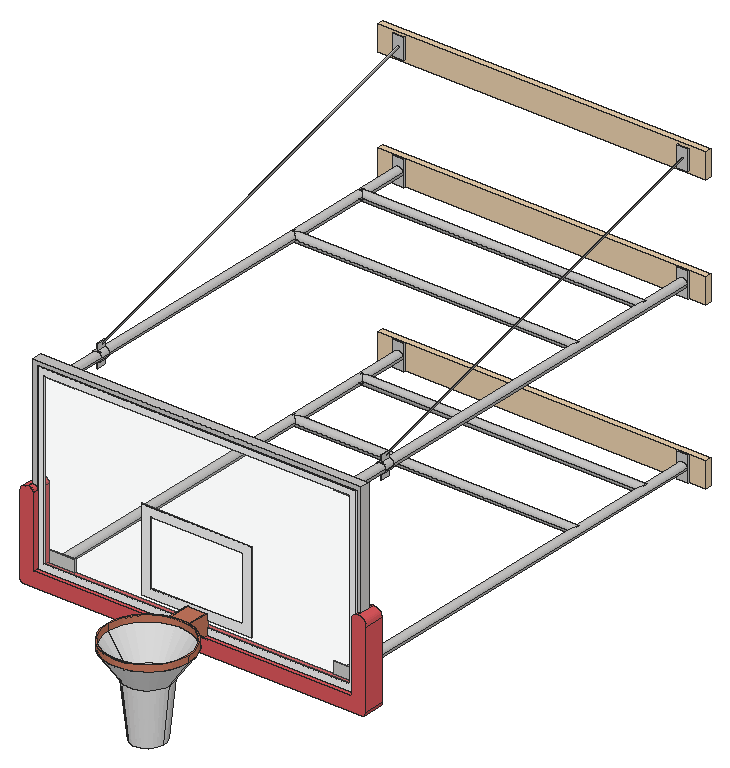
Revit family "Basketball_Backstop-Wall_Mount-Stationary-IPIbyBison-PKGxxSTRG", category Specialty Equipment, Revit 2024
Family settings
  Round Connector Dimension = Use Diameter
  Part Type = Normal
  OmniClass Number = 23.40.50.34.14
  OmniClass Title = Gymnasium Equipment
  Work Plane-Based = No
  Enable Cutting in Views = No
  Always vertical = Yes
  Cut with Voids When Loaded = No
  Maintain Annotation Orientation = No
  Shared = No
  Room Calculation Point = No
Parameters (values of type "PKG82STRG")
  padding color [instance] = Plastic - IPI by Bison - Scarlet SC
  Width = 6' - 0"
  Wall Plate Material = Wood - IPI by Bison
  URL = "https://ipibybison.com/"
  Suspension Type = "Telescoping"
  Support Tubing Material = Steel - IPI by Bison - Tubular Support
  Support Tubing Diameter = 0' - 1.9"
  Specification = "https://www.arcat.com/company/ipi-by-bison-38554/spec"
  Product Page URL = "https://www.arcat.com/arcatcos/cos38/arc38554.html"
  Padding Color [instance] = Plastic - IPI by Bison - Scarlet SC
  PKG82STRG Extension Range = "96\" to 144\""
  PKG68STRG Extension Range = "72\" to 96\""
  PKG46STRG Extension Range = "48\" to 72\""
  Netting = Finish - IPI by Bison - White Netting
  Mounting Height [instance] = 8' - 0"
  Model = "PKG82STRG"
  Manufacturer = "IPI by Bison"
  Keynote = "11 66 00"
  Hoop Finish = Powder Coat - IPI by Bison - Outdoor Orange
  Extension Depth = 8' - 0"
  Description = "Basketball Frame and Backboard, Wall Mount"
  Default Elevation = 0' - 0"
  Copyright = "© 2023 ARCAT"  # constant formula
  Category = ""
  CAD Details = "https://www.arcat.com/company/ipi-by-bison-38554/cad"
  Backboard Material = Fiberglass - IPI by Bison - Backboard
  Backboard Height = 3' - 6"
  Backboard Frame Material = Steel - IPI by Bison - Tubular Support
Types (3): name | Model | Extension Depth
  PKG68STRG | "PKG68STRG" | 6' - 0"
  PKG82STRG | "PKG82STRG" | 8' - 0"
  PKG46STRG | "PKG46STRG" | 4' - 0"
Reference planes (in)
  plane 1 "Back": y = 0
  plane 2 "Floor": z = 0
  plane 3 "Center (Left/Right)": x = 0
  plane 4 "Front": y = -96
  plane 5: y = -94
  plane 6 "Left": x = -36
  plane 7 "Right": x = 36
  plane 8 "Chain Alignment": x = -31.188
  plane 9 "Backboard Bottom": z = 96
  plane 10 "Chain Alignment 2": x = 31.188
  plane 11 "Top": z = 138
  plane 12: z = 135.091
  plane 13: z = 98.909
  plane 14: y = -1.5
  plane 15: y = -1.75
  plane 16: y = -93.75
  plane 17: z = 137.841
  plane 18: z = 132.341
  plane 19: z = 96.159
  plane 20: z = 101.659
  plane 21: x = -32.438
  plane 22: x = -29.938
  plane 23: x = 32.438
  plane 24: x = 29.938
  plane 25: z = 101.25
  plane 26: y = -96.0625
  plane 27: y = -12
  plane 28: z = 156.841
  plane 29 "Top Plate": z = 162.341
  plane 30: y = -82.5
  plane 31: y = -84.5
  plane 32: y = -83.5
  plane 33: z = 159.591
  plane 34: z = 136.841
  plane 35 "Board Center": y = -95
  plane 36: y = -30.5
Forms (in)
  Extrusion 1, solid, material "Steel - IPI by Bison - Tubular Support" <- "Support Tubing Material"
    sketch origin (0, 0, 0) x (1, 0, 0) y (0, 0, 1)
      loop
        circle (-31.188, 98.909) r 0.95
      loop
        circle (-31.188, 135.091) r 0.95
      loop
        circle (31.188, 98.909) r 0.95
      loop
        circle (31.188, 135.091) r 0.95
    from 1.75 to 93.75
  Extrusion 2, solid, material "Wood - IPI by Bison" <- "Wall Plate Material"
    sketch origin (0, 0, 0) x (0, 1, 0) y (0, 0, 1)
      loop
        line (0, 137.841) -> (-1.5, 137.841) -> (-1.5, 132.341) -> (0, 132.341) -> (0, 137.841)
      loop
        line (0, 101.659) -> (-1.5, 101.659) -> (-1.5, 96.159) -> (0, 96.159) -> (0, 101.659)
      loop
        line (0, 162.341) -> (-1.5, 162.341) -> (-1.5, 156.841) -> (0, 156.841) -> (0, 162.341)
    from -36 to 36
  Extrusion 3, solid, material "Steel - IPI by Bison - Tubular Support" <- "Support Tubing Material"
    sketch origin (0, 0, 0) x (1, 0, 0) y (0, 0, 1)
      loop
        line (-32.438, 137.841) -> (-32.438, 132.341) -> (-29.938, 132.341) -> (-29.938, 137.841) -> (-32.438, 137.841)
      loop
        line (29.938, 137.841) -> (29.938, 132.341) -> (32.438, 132.341) -> (32.438, 137.841) -> (29.938, 137.841)
      loop
        line (-32.438, 101.659) -> (-32.438, 96.159) -> (-29.938, 96.159) -> (-29.938, 101.659) -> (-32.438, 101.659)
      loop
        line (29.938, 101.659) -> (29.938, 96.159) -> (32.438, 96.159) -> (32.438, 101.659) -> (29.938, 101.659)
      loop
        line (-32.438, 161.841) -> (-32.438, 157.341) -> (-29.938, 157.341) -> (-29.938, 161.841) -> (-32.438, 161.841)
      loop
        line (32.438, 161.841) -> (29.938, 161.841) -> (29.938, 157.341) -> (32.438, 157.341) -> (32.438, 161.841)
    from 1.5 to 1.75
  Extrusion 4, solid, material "Steel - IPI by Bison - Tubular Support" <- "Support Tubing Material"
    sketch origin (0, 0, 0) x (1, 0, 0) y (0, 0, 1)
      loop
        line (-33.938, 133.841) -> (-28.438, 133.841) -> (-28.438, 136.341) -> (-33.938, 136.341) -> (-33.938, 133.841)
      loop
        line (33.938, 133.841) -> (33.938, 136.341) -> (28.438, 136.341) -> (28.438, 133.841) -> (33.938, 133.841)
      loop
        line (-33.938, 97.659) -> (-28.438, 97.659) -> (-28.438, 100.159) -> (-33.938, 100.159) -> (-33.938, 97.659)
      loop
        line (33.938, 97.659) -> (33.938, 100.159) -> (28.438, 100.159) -> (28.438, 97.659) -> (33.938, 97.659)
    from 93.75 to 94
  Extrusion 5, solid, material "Steel - IPI by Bison - Tubular Support" <- "Backboard Frame Material"
    sketch origin (0, 0, 0) x (1, 0, 0) y (0, 0, 1)
      loop
        line (-36, 138) -> (-36, 96) -> (36, 96) -> (36, 138) -> (-36, 138)
      loop
        line (-35, 137) -> (-35, 97) -> (35, 97) -> (35, 137) -> (-35, 137)
    from 94 to 96
  Extrusion 6, solid, material "Powder Coat - IPI by Bison - White"
    sketch origin (0, 0, 0) x (1, 0, 0) y (0, 0, 1)
      loop
        line (-35, 137) -> (-35, 97) -> (35, 97) -> (35, 137) -> (-35, 137)
      loop
        line (-33.5, 98.5) -> (33.5, 98.5) -> (33.5, 135.5) -> (-33.5, 135.5) -> (-33.5, 98.5)
      loop
        line (-12.061, 99.898) -> (12.061, 99.898) -> (12.061, 117.898) -> (-12.061, 117.898) -> (-12.061, 99.898)
      loop
        line (-10.061, 115.898) -> (-10.061, 101.898) -> (10.061, 101.898) -> (10.061, 115.898) -> (-10.061, 115.898)
    from 96 to 96.0625
  Extrusion 7, solid, material "Fiberglass - IPI by Bison - Backboard" <- "Backboard Material"
    sketch origin (0, 0, 0) x (1, 0, 0) y (0, 0, 1)
      loop
        line (-35, 137) -> (-35, 97) -> (35, 97) -> (35, 137) -> (-35, 137)
    from 94 to 96
  Extrusion 8, solid, material "Steel - IPI by Bison - Tubular Support" <- "Support Tubing Material"
    sketch origin (0, 0, 0) x (0, 1, 0) y (0, 0, 1)
      loop
        circle (-12, 135.091) r 0.95
      loop
        circle (-12, 98.909) r 0.95
    from -31.188 to 31.188
  Extrusion 9, solid, material "Steel - IPI by Bison - Tubular Support" <- "Support Tubing Material"
    sketch origin (0, 0, 0) x (1, 0, 0) y (0, 0, 1)
      loop
        circle (-31.188, 135.091) r 0.95
      loop
        arc (-31.313, 136.18535) -> (-32.28946, 135.091) -> (-31.313, 133.99665) r 1.10146
        line (-31.313, 133.99665) -> (-31.313, 132.657) -> (-31.063, 132.657) -> (-31.063, 133.99665)
        arc (-31.063, 133.99665) -> (-30.08654, 135.091) -> (-31.063, 136.18535) r 1.10146
        line (-31.063, 136.18535) -> (-31.063, 137.525) -> (-31.313, 137.525) -> (-31.313, 136.18535)
      loop
        circle (31.188, 135.091) r 0.95
      loop
        line (31.313, 136.18535) -> (31.313, 137.525) -> (31.063, 137.525) -> (31.063, 136.18535)
        arc (31.063, 136.18535) -> (30.08654, 135.091) -> (31.063, 133.99665) r 1.10146
        line (31.063, 133.99665) -> (31.063, 132.657) -> (31.313, 132.657) -> (31.313, 133.99665)
        arc (31.313, 133.99665) -> (32.28946, 135.091) -> (31.313, 136.18535) r 1.10146
    from 82.5 to 84.5
  Sweep 10, solid, material "Steel - IPI by Bison - Tubular Support" <- "Support Tubing Material"
    path origin (-31.188, 0, 0) x (0, 1, 0) y (0, 0, 1)
      loop
        line (-1.75, 159.591) -> (-83.5, 136.82634)
    profile origin (-31.188, -42.625, 148.20867) x (0, 0.26826, -0.963347) y (1, 0, 0)
      loop
        circle (0, 0) r 0.125
  Sweep 11, solid, material "Steel - IPI by Bison - Tubular Support" <- "Support Tubing Material"
    path origin (31.188, 0, 0) x (0, 1, 0) y (0, 0, 1)
      loop
        line (-1.75, 159.591) -> (-83.5, 136.82634)
    profile origin (31.188, -42.625, 148.20867) x (0, -0.26826, 0.963347) y (-1, 0, 0)
      loop
        circle (0, 0) r 0.125
  Extrusion 12, solid, material "Plastic - IPI by Bison - Scarlet SC" <- "padding color"
    sketch origin (-65.33518, -95, 0.37719) x (-1, 0, 0) y (0, 0, 1)
      loop
        arc (-29.36353, 112.98146) -> (-30.07064, 112.68857) -> (-30.36353, 111.98146) r 1
        line (-30.36353, 111.98146) -> (-30.36353, 96.62281) -> (-100.33518, 96.62281) -> (-100.33518, 111.98146)
        arc (-100.33518, 111.98146) -> (-100.62808, 112.68857) -> (-101.33518, 112.98146) r 1
        line (-101.33518, 112.98146) -> (-101.61353, 112.98146)
        arc (-101.61353, 112.98146) -> (-102.85097, 112.4689) -> (-103.36353, 111.23146) r 1.75
        line (-103.36353, 111.23146) -> (-103.36353, 94.48146)
        arc (-103.36353, 94.48146) -> (-103.07064, 93.77435) -> (-102.36353, 93.48146) r 1
        line (-102.36353, 93.48146) -> (-28.36353, 93.48146)
        arc (-28.36353, 93.48146) -> (-27.65643, 93.77435) -> (-27.36353, 94.48146) r 1
        line (-27.36353, 94.48146) -> (-27.36353, 111.23146)
        arc (-27.36353, 111.23146) -> (-27.8761, 112.4689) -> (-29.11353, 112.98146) r 1.75
        line (-29.11353, 112.98146) -> (-29.36353, 112.98146)
    from -2.18697 to 2.14819
  Extrusion 13, solid, material "Steel - IPI by Bison - Tubular Support" <- "Support Tubing Material"
    sketch origin (0, -18.5, 0) x (0, 1, 0) y (0, 0, 1)
      loop
        circle (-12, 135.091) r 0.95
      loop
        circle (-12, 98.909) r 0.95
    from -31.188 to 31.188
Dimensions and locks (in)
  "Extension Depth": plane 1 "Back" to plane 4 "Front"
  locked: plane 5 to plane 4 "Front" at 2
  equal spacing: plane 6 "Left", plane 3 "Center (Left/Right)", plane 7 "Right"
  "Width": plane 6 "Left" to plane 7 "Right"
  "Mounting Height": plane 9 "Backboard Bottom" to level
  "Backboard Height": plane 11 "Top" to plane 9 "Backboard Bottom"
  plane 14 to plane 1 "Back" = 0' - 1 1/2"
  locked: plane 14 to plane 15 at 0.25
  locked: plane 16 to plane 5 at 0.25
  equal spacing: plane 17, plane 12, plane 18
  locked: plane 17 to plane 18 at 5.5
  equal spacing: plane 20, plane 13, plane 19
  locked: plane 20 to plane 19 at 5.5
  equal spacing: plane 22, plane 8 "Chain Alignment", plane 21
  locked: plane 22 to plane 21 at 2.5
  equal spacing: plane 24, plane 10 "Chain Alignment 2", plane 23
  locked: plane 24 to plane 23 at 2.5
  equal spacing: Extrusion 4 sketch curve, plane 8 "Chain Alignment", Extrusion 4 sketch curve  (x2)
  locked: Extrusion 4 sketch curve to Extrusion 4 sketch curve at 5.5  (x4)
  equal spacing: Extrusion 4 sketch curve, plane 12, Extrusion 4 sketch curve  (x2)
  locked: Extrusion 4 sketch curve to Extrusion 4 sketch curve at 2.5  (x4)
  equal spacing: Extrusion 4 sketch curve, plane 10 "Chain Alignment 2", Extrusion 4 sketch curve  (x2)
  equal spacing: Extrusion 4 sketch curve, plane 13, Extrusion 4 sketch curve  (x2)
  locked: plane 11 "Top" to Extrusion 5 sketch curve at 1
  locked: Extrusion 5 sketch curve to Extrusion 5 sketch curve at 1
  locked: Extrusion 5 sketch curve to plane 7 "Right" at 1
  locked: Extrusion 5 sketch curve to plane 6 "Left" at 1
  Extrusion 6 sketch curve to Extrusion 5 to plane 6 "Left" = 0' - 1 1/2" locked, 0' - 1" locked
  Extrusion 6 sketch curve to Extrusion 5 to plane 7 "Right" = 0' - 1 1/2" locked, 0' - 1" locked
  plane 11 "Top" to Extrusion 5 to Extrusion 6 sketch curve = 0' - 1" locked, 0' - 1 1/2" locked
  Extrusion 6 sketch curve to Extrusion 5 to plane 9 "Backboard Bottom" = 0' - 1 1/2" locked, 0' - 1" locked
  locked: plane 21 to plane 6 "Left" at 3.562
  locked: plane 23 to plane 7 "Right" at 3.562
  locked: Extrusion 6 to plane 6 "Left" at 1
  locked: Extrusion 6 to plane 7 "Right" at 1
  locked: Extrusion 6 to plane 9 "Backboard Bottom" at 1
  locked: plane 11 "Top" to Extrusion 6 at 1
  locked: plane 25 to plane 9 "Backboard Bottom" at 5.25
  locked: plane 4 "Front" to plane 26 at 0.0625
  equal spacing: Extrusion 6 sketch curve, plane 3 "Center (Left/Right)", Extrusion 6 sketch curve
  locked: Extrusion 6 sketch curve to Extrusion 6 sketch curve at 2  (x4)
  locked: Extrusion 6 sketch curve to Extrusion 6 sketch curve at 14
  locked: Extrusion 6 sketch curve to plane 9 "Backboard Bottom" at 3.898
  locked: plane 27 to plane 1 "Back" at 12
  locked: plane 29 "Top Plate" to Extrusion 3 sketch curve at 0.5  (x2)
  locked: Extrusion 3 sketch curve to plane 28 at 0.5  (x2)
  locked: Extrusion 9 sketch curve to plane 12 at 2.434  (x2)
  locked: plane 12 to Extrusion 9 sketch curve at 2.434  (x2)
  locked: plane 30 to plane 31 at 2
  equal spacing: plane 30, plane 32, plane 31
  equal spacing: plane 29 "Top Plate", plane 33, plane 28
  locked: plane 17 to plane 34 at 1
  locked: plane 30 to plane 26 at 13.5625
  locked: plane 29 "Top Plate" to plane 28 at 5.5
  locked: plane 29 "Top Plate" to plane 17 at 24.5
  locked: plane 19 to plane 9 "Backboard Bottom" at 0.159
  locked: plane 11 "Top" to plane 17 at 0.159
  locked: plane 5 to plane 35 "Board Center" at 1
  "Support Tubing Diameter": diameter of Extrusion 1 sketch curve  (x4)
  "Support Tubing Diameter": diameter of Extrusion 8 sketch curve  (x2)
  "Support Tubing Diameter": diameter of Extrusion 13 sketch curve  (x2)
  aligned and locked: plane 2 "Floor" to level
  aligned and locked: plane 8 "Chain Alignment" to Extrusion 1 sketch curve  (x2)
  aligned and locked: plane 13 to Extrusion 1 sketch curve  (x2)
  aligned and locked: plane 12 to Extrusion 1 sketch curve  (x2)
  aligned and locked: plane 10 "Chain Alignment 2" to Extrusion 1 sketch curve  (x2)
  aligned and locked: Extrusion 1 to plane 16
  aligned and locked: plane 15 to Extrusion 1
  aligned and locked: Extrusion 2 sketch curve to plane 17
  aligned and locked: plane 14 to Extrusion 2 sketch curve  (x3)
  aligned and locked: plane 1 "Back" to Extrusion 2 sketch curve  (x3)
  aligned and locked: plane 18 to Extrusion 2 sketch curve
  aligned and locked: Extrusion 2 sketch curve to plane 20
  aligned and locked: plane 19 to Extrusion 2 sketch curve
  aligned and locked: Extrusion 2 to plane 6 "Left"
  aligned and locked: Extrusion 2 to plane 7 "Right"
  aligned and locked: plane 18 to Extrusion 3 sketch curve  (x2)
  aligned and locked: plane 21 to Extrusion 3 sketch curve  (x3)
  aligned and locked: plane 22 to Extrusion 3 sketch curve  (x3)
  aligned and locked: Extrusion 3 sketch curve to plane 17  (x2)
  aligned and locked: plane 23 to Extrusion 3 sketch curve  (x2)
  aligned and locked: plane 24 to Extrusion 3 sketch curve  (x2)
  aligned and locked: plane 19 to Extrusion 3 sketch curve  (x2)
  aligned and locked: Extrusion 3 sketch curve to plane 20  (x2)
  aligned and locked: plane 14 to Extrusion 3
  aligned and locked: Extrusion 3 to plane 15
  aligned and locked: Extrusion 4 to plane 5
  aligned and locked: plane 16 to Extrusion 4
  aligned and locked: plane 6 "Left" to Extrusion 5 sketch curve
  aligned and locked: Extrusion 5 sketch curve to plane 11 "Top"
  aligned and locked: plane 9 "Backboard Bottom" to Extrusion 5 sketch curve
  aligned and locked: plane 7 "Right" to Extrusion 5 sketch curve
  aligned and locked: plane 5 to Extrusion 5
  aligned and locked: Extrusion 5 to plane 4 "Front"
  aligned and locked: plane 5 to Extrusion 7
  aligned and locked: nested 1 to plane 3 "Center (Left/Right)"
  aligned and locked: nested 1 to plane 25
  aligned and locked: nested 1 to plane 4 "Front"
  aligned and locked: plane 4 "Front" to Extrusion 6
  aligned and locked: plane 26 to Extrusion 6
  aligned and locked: Extrusion 7 to plane 4 "Front"
  aligned and locked: plane 27 to Extrusion 8 sketch curve  (x2)
  aligned and locked: plane 12 to Extrusion 8 sketch curve
  aligned and locked: Extrusion 8 to plane 8 "Chain Alignment"
  aligned and locked: Extrusion 8 to plane 10 "Chain Alignment 2"
  aligned and locked: plane 13 to Extrusion 8 sketch curve
  aligned and locked: plane 28 to Extrusion 2 sketch curve
  aligned and locked: Extrusion 2 sketch curve to plane 29 "Top Plate"
  aligned and locked: Extrusion 3 sketch curve to plane 24
  aligned and locked: Extrusion 3 sketch curve to plane 23
  aligned and locked: plane 8 "Chain Alignment" to Extrusion 9 sketch curve
  aligned and locked: plane 12 to Extrusion 9 sketch curve  (x2)
  aligned and locked: plane 10 "Chain Alignment 2" to Extrusion 9 sketch curve
  aligned and locked: plane 30 to Extrusion 9
  aligned and locked: Extrusion 9 to plane 31
  aligned and locked: plane 33 to Sweep 10 sketch curve
  aligned and locked: plane 32 to Sweep 10 sketch curve
  aligned and locked: plane 15 to Sweep 10 sketch curve
  aligned and locked: plane 32 to Sweep 11 sketch curve
  aligned and locked: plane 15 to Sweep 11 sketch curve
  aligned and locked: plane 36 to Extrusion 13 sketch curve  (x2)
Automatic sketch dimensions
  plane 34 to Extrusion 6 sketch curve = 0' - 0.159"
  plane 6 "Left" to Extrusion 6 sketch curve = 0' - 1"
  Extrusion 6 sketch curve to plane 3 "Center (Left/Right)" = 1' - 0.061"
  plane 7 "Right" to Extrusion 6 sketch curve = 0' - 1"
  plane 19 to Extrusion 6 sketch curve = 0' - 0.841"
  plane 6 "Left" to Extrusion 7 sketch curve = 0' - 1"
  plane 7 "Right" to Extrusion 7 sketch curve = 0' - 1"
  plane 19 to Extrusion 7 sketch curve = 0' - 0.841"
  plane 34 to Extrusion 7 sketch curve = 0' - 0.159"
  Extrusion 9 sketch curve to Extrusion 9 sketch curve = 0' - 0"  (x10)
  Extrusion 9 sketch curve to plane 8 "Chain Alignment" = 0' - 0 1/8"  (x2)
  plane 8 "Chain Alignment" to Extrusion 9 sketch curve = 0' - 0 1/8"  (x2)
  plane 10 "Chain Alignment 2" to Extrusion 9 sketch curve = 0' - 0 1/8"  (x2)
  Extrusion 9 sketch curve to plane 10 "Chain Alignment 2" = 0' - 0 1/8"  (x2)
  Extrusion 9 sketch curve to plane 12 = 0' - 1.09435"  (x2)
  Sweep 10 sketch curve to plane 34 = 0' - 0.01466"
  Sweep 10 sketch curve to plane 8 "Chain Alignment" = 0' - 0"
  Sweep 10 sketch curve to profile plane = 0' - 0"
  Sweep 11 sketch curve to plane 33 = 0' - 0"
  plane 34 to Sweep 11 sketch curve = 0' - 0.01466"
  Sweep 11 sketch curve to plane 10 "Chain Alignment 2" = 0' - 0"
  profile plane to Sweep 11 sketch curve = 0' - 0"
  plane 7 "Right" to Extrusion 12 sketch curve = 0' - 0"
  Extrusion 12 sketch curve to plane 7 "Right" = 0' - 0.27835"
  Extrusion 12 sketch curve to plane 7 "Right" = 0' - 1.02835"
  Extrusion 12 sketch curve to Extrusion 12 sketch curve = 0' - 1 3/4"  (x2)
  plane 7 "Right" to Extrusion 12 sketch curve = 0' - 1"
  plane 6 "Left" to Extrusion 12 sketch curve = 0' - 1.02835"
  plane 6 "Left" to Extrusion 12 sketch curve = 0' - 0.02835"
  Extrusion 12 sketch curve to plane 6 "Left" = 0' - 0.22165"
  Extrusion 12 sketch curve to plane 6 "Left" = 0' - 0.97165"
  Extrusion 12 sketch curve to plane 9 "Backboard Bottom" = 0' - 2.14135"
  plane 19 to Extrusion 12 sketch curve = 0' - 0.841"
  plane 20 to Extrusion 12 sketch curve = 0' - 9.94965"  (x2)
  plane 13 to Extrusion 13 sketch curve = 0' - 0"
  Extrusion 13 sketch curve to plane 12 = 0' - 0"
  radius of Extrusion 9 sketch curve = 0' - 0.95"  (x2)
  radius of Sweep 10 sketch curve = 0' - 0 1/8"
  radius of Sweep 11 sketch curve = 0' - 0 1/8"
Nested families (in)
  nested 1: "Playground-System_Heavy-Duty-4_1-2in_PR52_Basket" at (0, -96, 101.25), Netting <- "Netting", Frame <- "Hoop Finish", type "Playground-System_Heavy-Duty-4_1-2in_PR52_Basket"
    with Netting Finish - IPI by Bison - White Netting, Frame Powder Coat - IPI by Bison - Outdoor Orange
Definition of nested family "Playground-System_Heavy-Duty-4_1-2in_PR52_Basket"
  Parameters (values of type "Playground-System_Heavy-Duty-4_1-2in_PR52_Basket")
    Netting [instance] = none
    Frame [instance] = none
    Default Elevation = 0' - 0"
  Reference planes (in)
    plane 1 "Center (Front/Back)": y = 0
    plane 2: z = 0
    plane 3 "Center (Left/Right)": x = 0
    plane 4 "Net": y = -13.5
    plane 5: x = -2.25
    plane 6: x = 2.25
  Forms (in)
    Extrusion 1, solid, material <- "Frame"
      sketch origin (0, 0, 0) x (1, 0, 0) y (0, 1, 0)
        loop
          circle (0, -13.5) r 9
        loop
          circle (0, -13.5) r 8.75
      from -1.38229 to 0
    Extrusion 2, solid, material <- "Frame"
      sketch origin (0, 0, 0) x (0, 1, 0) y (0, 0, 1)
        loop
          line (0, 0) -> (-4.75, 0) -> (-4.75, -1.1813) -> (0, -5.25) -> (0, 0)
      from -2.25 to -2.06458
    Extrusion 3, solid, material <- "Frame"
      sketch origin (0, 0, 0) x (0, 1, 0) y (0, 0, -1)
        loop
          line (0, 0) -> (0, 5.25) -> (-4.75, 1.1813) -> (-4.75, 0) -> (0, 0)
      from -2.25 to -2.06458
    Extrusion 4, solid, material <- "Frame"
      sketch origin (0, 0, 0) x (0, 1, 0) y (0, 0, 1)
        loop
          line (-4.75, 0) -> (-4.75, -0.25) -> (-0.25, -0.25) -> (-0.25, -5.03586) -> (0, -5.25) -> (0, 0) -> (-4.75, 0)
      from -2.06458 to 2.06458
    Revolve 5, solid, material <- "Netting"
      sketch origin (0, -13.5, 0) x (-1, 0, 0) y (0, 0, 1)
        loop
          line (9, -1.38229) -> (8.8474, -1.38229) -> (4.72063, -7.27592) -> (3.4482, -19.38229) -> (3.57389, -19.38229) -> (4.84157, -7.32114) -> (9, -1.38229)
        axis (0, -1.38229) -> (0, -19.38229)
      angle from 0 to 360
  Dimensions and locks (in)
    locked: level to Extrusion 1 at 1.38229
    locked: plane 4 "Net" to plane 1 "Center (Front/Back)" at 13.5
    equal spacing: plane 6, plane 3 "Center (Left/Right)", plane 5
    locked: plane 6 to plane 5 at 4.5
    aligned and locked: plane 2 to level
    aligned and locked: level to Extrusion 1
  Automatic sketch dimensions
    Extrusion 1 sketch curve to Extrusion 1 sketch curve = 0' - 0"  (x2)
    Extrusion 1 sketch curve to plane 3 "Center (Left/Right)" = 0' - 0"
    Extrusion 1 sketch curve to plane 4 "Net" = 0' - 0"
    Revolve 5 sketch curve to plane 3 "Center (Left/Right)" = 0' - 0"
    Revolve 5 sketch curve to plane 5 = 0' - 1.1982"
    Revolve 5 sketch curve to Revolve 5 sketch curve = 0' - 0.12569"
    Revolve 5 sketch curve to plane 5 = 0' - 2.47063"
    Revolve 5 sketch curve to Revolve 5 sketch curve = 0' - 0.12094"
    Revolve 5 sketch curve to level = 0' - 1.38229"  (x2)
    Revolve 5 sketch curve to plane 5 = 0' - 6.5974"
    Revolve 5 sketch curve to Revolve 5 sketch curve = 0' - 0.1526"
    Revolve 5 sketch curve to Revolve 5 sketch curve = 0' - 0.04522"
    Revolve 5 sketch curve to Revolve 5 sketch curve = 1' - 0.06115"
    Revolve 5 sketch curve to Revolve 5 sketch curve = 0' - 1"
    Revolve 5 sketch curve to Revolve 5 sketch curve = 0' - 5.89364"
    Extrusion 2 sketch curve to level = 0' - 0"
    Extrusion 2 sketch curve to plane 1 "Center (Front/Back)" = 0' - 0"
    Extrusion 2 sketch curve to level = 0' - 1.1813"
    plane 1 "Center (Front/Back)" to Extrusion 2 sketch curve = 0' - 4 3/4"
    Extrusion 2 sketch curve to level = 0' - 5 1/4"
    Extrusion 3 sketch curve to level = 0' - 0"
    Extrusion 3 sketch curve to plane 1 "Center (Front/Back)" = 0' - 0"
    Extrusion 3 sketch curve to level = 0' - 1.1813"
    plane 1 "Center (Front/Back)" to Extrusion 3 sketch curve = 0' - 4 3/4"
    Extrusion 3 sketch curve to level = 0' - 5 1/4"
    Extrusion 4 sketch curve to level = 0' - 0"
    Extrusion 4 sketch curve to plane 1 "Center (Front/Back)" = 0' - 0"
    plane 1 "Center (Front/Back)" to Extrusion 4 sketch curve = 0' - 0 1/4"
    Extrusion 4 sketch curve to level = 0' - 0 1/4"
    Extrusion 4 sketch curve to Extrusion 4 sketch curve = 0' - 4 1/2"
    Extrusion 4 sketch curve to Extrusion 4 sketch curve = 0' - 4.78586"
    Extrusion 4 sketch curve to Extrusion 4 sketch curve = 0' - 0.21414"
    radius of Extrusion 1 sketch curve = 0' - 9"
    radius of Extrusion 1 sketch curve = 0' - 8 3/4"
